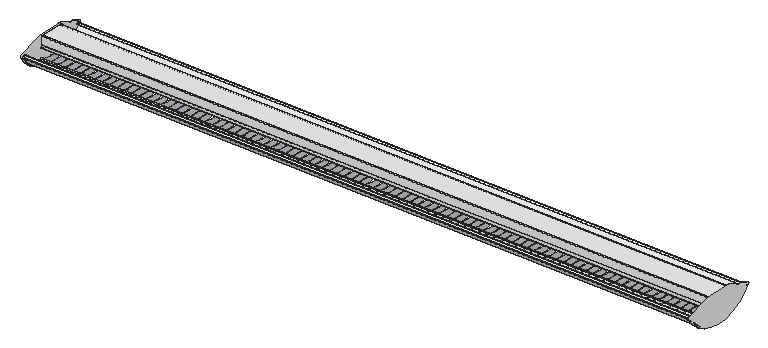
Revit family "LCBA92", category Lighting Fixtures, host Ceiling, Revit 2019 (continued)
Forms (in)
  Extrusion 99, solid
    sketch origin (-89.85284, 0, 0) x (0, 1, 0) y (0, 0, 1)
      loop
        arc (2.06311, 72.81193) -> (1.99756, 72.88131) -> (1.90213, 72.88295) r 0.12304
        line (1.90213, 72.88295) -> (1.84484, 72.86147) -> (1.81268, 72.94364)
    from 45.89311 to 45.9345
  Extrusion 100, solid
    sketch origin (-90.86242, 0, 0) x (0, 1, 0) y (0, 0, 1)
      loop
        arc (1.81268, 72.94364) -> (-0.00072, 72.65579) -> (-1.81406, 72.94408) r 5.85148
        line (-1.81406, 72.94408) -> (-1.84484, 72.86147) -> (-1.90362, 72.88351)
        arc (-1.90362, 72.88351) -> (-1.99875, 72.88023) -> (-2.06363, 72.81059) r 0.12422
        line (-2.06363, 72.81059) -> (-2.1814, 72.49647)
        arc (-2.1814, 72.49647) -> (-2.17546, 72.44135) -> (-2.12767, 72.41325) r 0.0617
        line (-2.12767, 72.41325) -> (-2.01335, 72.41202) -> (-2.05986, 72.27994)
        arc (-2.05986, 72.27994) -> (0.00142, 71.9068) -> (2.06251, 72.28094) r 5.872
        line (2.06251, 72.28094) -> (2.01335, 72.41202) -> (2.1241, 72.41309)
        arc (2.1241, 72.41309) -> (2.17511, 72.4409) -> (2.18051, 72.49874) r 0.0618
        line (2.18051, 72.49874) -> (2.06311, 72.81193)
        arc (2.06311, 72.81193) -> (1.99756, 72.88131) -> (1.90213, 72.88295) r 0.12304
        line (1.90213, 72.88295) -> (1.84484, 72.86147) -> (1.81268, 72.94364)
    from 45.89311 to 45.9345
Dimensions and locks (in)
  equal spacing: host sketch curve, plane 3 "Light Source Axis (L/R)", host sketch curve
  equal spacing: host sketch curve, plane 1 "Light Source Axis (F/B)", host sketch curve
  host sketch curve to host sketch curve = 10' - 0"  (x2)
  equal spacing: plane 5, plane 3 "Light Source Axis (L/R)", plane 6
  "Length": plane 5 to plane 6
  equal spacing: plane 7, plane 1 "Light Source Axis (F/B)", plane 8
  "Width": plane 7 to plane 8
  plane 5 to plane 3 "Light Source Axis (L/R)" = 3' - 10 1/8"
  plane 7 to plane 1 "Light Source Axis (F/B)" = 0' - 5 1/8"
  plane 6 to plane 3 "Light Source Axis (L/R)" = 3' - 10 1/8"
  locked: plane 9 to plane 5 at 0.03125
  locked: plane 10 to plane 6 at 0.03125
  plane 4 "Light Source Elevation" to host ceiling = 1' - 11 5/8"
  locked: plane 5 to plane 11 at 0.0625
  locked: plane 12 to plane 6 at 0.0625
  locked: plane 13 "Start of Divider" to plane 6 at 0.1905
  locked: plane 5 to plane 14 at 0.1875
  equal spacing: group 2, group 92, group 91, group 90, group 89, group 88, group 87, group 86, group 85, group 84, group 83, group 82, group 81, group 80, group 79, group 78, group 77, group 76, group 75, group 74, group 73, group 72, group 71, group 70, group 69, group 68, group 67, group 66, group 65, group 64, group 63, group 62, group 61, group 60, group 59, group 58, group 57, group 56, group 55, group 54, group 53, group 52, group 51, group 50, group 49, group 48, group 47, group 46, group 45, group 44, group 43, group 42, group 41, group 40, group 39, group 38, group 37, group 36, group 35, group 34, group 33, group 32, group 31, group 30, group 29, group 28, group 27, group 26, group 25, group 24, group 23, group 22, group 21, group 20, group 19, group 18, group 17, group 16, group 15, group 14, group 13, group 12, group 11, group 10, group 9, group 8, group 7, group 6, group 5, group 4, group 3, group 1
  equal spacing: group 1, group 3, group 4, group 5, group 6, group 7, group 8, group 9, group 10, group 11, group 12, group 13, group 14, group 15, group 16, group 17, group 18, group 19, group 20, group 21, group 22, group 23, group 24, group 25, group 26, group 27, group 28, group 29, group 30, group 31, group 32, group 33, group 34, group 35, group 36, group 37, group 38, group 39, group 40, group 41, group 42, group 43, group 44, group 45, group 46, group 47, group 48, group 49, group 50, group 51, group 52, group 53, group 54, group 55, group 56, group 57, group 58, group 59, group 60, group 61, group 62, group 63, group 64, group 65, group 66, group 67, group 68, group 69, group 70, group 71, group 72, group 73, group 74, group 75, group 76, group 77, group 78, group 79, group 80, group 81, group 82, group 83, group 84, group 85, group 86, group 87, group 88, group 89, group 90, group 91, group 92, group 2  (x2)
  aligned and locked: plane 3 "Light Source Axis (L/R)" to imposter light
  aligned and locked: plane 1 "Light Source Axis (F/B)" to imposter light
  aligned and locked: plane 4 "Light Source Elevation" to imposter light
  aligned and locked: plane 6 to Extrusion 1
  aligned and locked: Extrusion 1 to plane 10
  aligned and locked: Extrusion 2 to plane 5
  aligned and locked: Extrusion 2 to plane 9
  aligned and locked: Extrusion 3 to plane 9
  aligned and locked: plane 10 to Extrusion 3
  aligned and locked: Extrusion 4 to plane 9
  aligned and locked: Extrusion 4 to Extrusion 1
  aligned and locked: Extrusion 5 to plane 9
  aligned and locked: plane 10 to Extrusion 5
  aligned and locked: Extrusion 6 to Extrusion 1
  aligned and locked: Extrusion 6 to plane 12
  aligned and locked: Extrusion 7 to plane 9
  aligned and locked: plane 11 to Extrusion 7
  aligned and locked: Extrusion 8 to plane 11
  aligned and locked: plane 12 to Extrusion 8
Automatic sketch dimensions
  Extrusion 1 sketch curve to plane 8 = 0' - 0"  (x2)
  Extrusion 1 sketch curve to plane 1 "Light Source Axis (F/B)" = 0' - 0"
  Extrusion 1 sketch curve to plane 7 = 0' - 0"  (x2)
  plane 8 to Extrusion 1 sketch curve = 0' - 0.06165"
  plane 8 to Extrusion 1 sketch curve = 0' - 0.10459"
  plane 1 "Light Source Axis (F/B)" to Extrusion 1 sketch curve = 0' - 2.37456"
  plane 1 "Light Source Axis (F/B)" to Extrusion 1 sketch curve = 0' - 1 11/16"
  Extrusion 1 sketch curve to plane 1 "Light Source Axis (F/B)" = 0' - 1 11/16"
  Extrusion 1 sketch curve to Extrusion 1 sketch curve = 0' - 0.68706"
  Extrusion 1 sketch curve to plane 7 = 0' - 0.10459"
  Extrusion 1 sketch curve to plane 7 = 0' - 0.06165"
  Extrusion 1 sketch curve to plane 4 "Light Source Elevation" = 0' - 1.969"  (x2)
  Extrusion 1 sketch curve to plane 4 "Light Source Elevation" = 0' - 2.74635"
  Extrusion 1 sketch curve to Extrusion 1 sketch curve = 0' - 0.11739"
  Extrusion 1 sketch curve to Extrusion 1 sketch curve = 0' - 1.87828"
  Extrusion 2 sketch curve to plane 8 = 0' - 0"  (x2)
  Extrusion 2 sketch curve to plane 1 "Light Source Axis (F/B)" = 0' - 0"
  Extrusion 2 sketch curve to plane 7 = 0' - 0"  (x2)
  plane 8 to Extrusion 2 sketch curve = 0' - 0.06165"
  plane 8 to Extrusion 2 sketch curve = 0' - 0.10459"
  plane 1 "Light Source Axis (F/B)" to Extrusion 2 sketch curve = 0' - 2.37456"
  plane 1 "Light Source Axis (F/B)" to Extrusion 2 sketch curve = 0' - 1 11/16"
  Extrusion 2 sketch curve to plane 1 "Light Source Axis (F/B)" = 0' - 1 11/16"
  Extrusion 2 sketch curve to Extrusion 2 sketch curve = 0' - 0.68706"
  Extrusion 2 sketch curve to plane 7 = 0' - 0.10459"
  Extrusion 2 sketch curve to plane 7 = 0' - 0.06165"
  Extrusion 2 sketch curve to plane 4 "Light Source Elevation" = 0' - 6.032"
  Extrusion 2 sketch curve to Extrusion 2 sketch curve = 0' - 2.063"
  Extrusion 2 sketch curve to Extrusion 2 sketch curve = 0' - 0.12172"  (x2)
  Extrusion 2 sketch curve to Extrusion 2 sketch curve = 0' - 0.98354"
  Extrusion 3 sketch curve to Extrusion 3 sketch curve = 0' - 0"  (x9)
  Extrusion 3 sketch curve to plane 1 "Light Source Axis (F/B)" = 0' - 0.15717"
  Extrusion 3 sketch curve to plane 1 "Light Source Axis (F/B)" = 0' - 1.58208"
  Extrusion 3 sketch curve to plane 4 "Light Source Elevation" = 0' - 1.14403"
  Extrusion 3 sketch curve to Extrusion 3 sketch curve = 0' - 0.00572"
  Extrusion 3 sketch curve to plane 4 "Light Source Elevation" = 0' - 1.20319"
  Extrusion 3 sketch curve to Extrusion 3 sketch curve = 0' - 0.15265"
  Extrusion 3 sketch curve to Extrusion 3 sketch curve = 0' - 0.00571"
  Extrusion 3 sketch curve to Extrusion 3 sketch curve = 0' - 0.0069"
  Extrusion 3 sketch curve to Extrusion 3 sketch curve = 0' - 0.00002"
  Extrusion 3 sketch curve to plane 4 "Light Source Elevation" = 0' - 0.48292"
  Extrusion 3 sketch curve to Extrusion 3 sketch curve = 0' - 0.35994"
  Extrusion 3 sketch curve to plane 7 = 0' - 0.68708"
  Extrusion 3 sketch curve to Extrusion 3 sketch curve = 0' - 0.01592"  (x2)
  Extrusion 3 sketch curve to Extrusion 3 sketch curve = 0' - 0.20109"
  Extrusion 3 sketch curve to Extrusion 3 sketch curve = 0' - 0.01987"
  Extrusion 3 sketch curve to Extrusion 3 sketch curve = 0' - 0.02474"  (x2)
  Extrusion 3 sketch curve to Extrusion 3 sketch curve = 0' - 0.01982"  (x2)
  Extrusion 3 sketch curve to Extrusion 3 sketch curve = 0' - 0.15227"
  Extrusion 3 sketch curve to Extrusion 3 sketch curve = 0' - 0.00269"
  Extrusion 3 sketch curve to Extrusion 3 sketch curve = 0' - 0.02579"  (x2)
  Extrusion 3 sketch curve to Extrusion 3 sketch curve = 0' - 0.03219"
  Extrusion 3 sketch curve to plane 4 "Light Source Elevation" = 0' - 8.81425"
  plane 7 to Extrusion 3 sketch curve = 1' - 6.15424"
  Extrusion 3 sketch curve to Extrusion 3 sketch curve = 0' - 0.00005"
  Extrusion 3 sketch curve to Extrusion 3 sketch curve = 0' - 0.06783"
  Extrusion 3 sketch curve to Extrusion 3 sketch curve = 0' - 0.00011"
  Extrusion 3 sketch curve to Extrusion 3 sketch curve = 0' - 0.03066"
  Extrusion 3 sketch curve to plane 4 "Light Source Elevation" = 0' - 2.54053"
  Extrusion 3 sketch curve to Extrusion 3 sketch curve = 0' - 0.01764"  (x2)
  Extrusion 3 sketch curve to Extrusion 3 sketch curve = 0' - 0.05099"
  Extrusion 3 sketch curve to Extrusion 3 sketch curve = 0' - 0.02202"
  Extrusion 3 sketch curve to Extrusion 3 sketch curve = 0' - 0.04169"
  Extrusion 3 sketch curve to Extrusion 3 sketch curve = 0' - 0.02689"
  Extrusion 3 sketch curve to Extrusion 3 sketch curve = 0' - 0.03356"
  Extrusion 3 sketch curve to Extrusion 3 sketch curve = 0' - 4.57795"
  Extrusion 3 sketch curve to Extrusion 3 sketch curve = 0' - 0.00017"
  Extrusion 3 sketch curve to Extrusion 3 sketch curve = 0' - 0.03546"
  Extrusion 3 sketch curve to Extrusion 3 sketch curve = 0' - 0.02926"
  Extrusion 3 sketch curve to Extrusion 3 sketch curve = 0' - 0.02904"
  Extrusion 4 sketch curve to Extrusion 4 sketch curve = 0' - 0"  (x14)
  Extrusion 4 sketch curve to plane 4 "Light Source Elevation" = 0' - 8.8141"
  Extrusion 4 sketch curve to plane 8 = 1' - 6.1543"
  plane 8 to Extrusion 4 sketch curve = 0' - 0.25148"
  Extrusion 4 sketch curve to Extrusion 4 sketch curve = 0' - 0.01982"  (x2)
  Extrusion 4 sketch curve to Extrusion 4 sketch curve = 0' - 0.02395"  (x2)
  Extrusion 4 sketch curve to Extrusion 4 sketch curve = 0' - 0.15496"
  Extrusion 4 sketch curve to Extrusion 4 sketch curve = 0' - 0.01923"
  Extrusion 4 sketch curve to Extrusion 4 sketch curve = 0' - 0.01592"  (x2)
  Extrusion 4 sketch curve to Extrusion 4 sketch curve = 0' - 0.20109"
  plane 1 "Light Source Axis (F/B)" to Extrusion 4 sketch curve = 0' - 2.10733"
  Extrusion 4 sketch curve to Extrusion 4 sketch curve = 0' - 0.36004"
  Extrusion 4 sketch curve to Extrusion 4 sketch curve = 0' - 0.01127"
  Extrusion 4 sketch curve to Extrusion 4 sketch curve = 0' - 0.00715"
  Extrusion 4 sketch curve to plane 4 "Light Source Elevation" = 0' - 1.14526"
  Extrusion 4 sketch curve to Extrusion 4 sketch curve = 0' - 0 19/128"
  Extrusion 4 sketch curve to plane 4 "Light Source Elevation" = 0' - 1.17598"
  Extrusion 4 sketch curve to Extrusion 4 sketch curve = 0' - 0.00572"
  plane 1 "Light Source Axis (F/B)" to Extrusion 4 sketch curve = 0' - 0.15717"
  Extrusion 4 sketch curve to Extrusion 4 sketch curve = 0' - 0.03733"
  Extrusion 4 sketch curve to plane 4 "Light Source Elevation" = 0' - 0.48292"
  Extrusion 4 sketch curve to plane 4 "Light Source Elevation" = 0' - 2.63117"
  Extrusion 4 sketch curve to Extrusion 4 sketch curve = 0' - 0.02918"
  Extrusion 4 sketch curve to Extrusion 4 sketch curve = 0' - 0.04061"
  Extrusion 4 sketch curve to Extrusion 4 sketch curve = 0' - 0.02416"
  Extrusion 4 sketch curve to Extrusion 4 sketch curve = 0' - 0.02689"
  Extrusion 4 sketch curve to Extrusion 4 sketch curve = 0' - 0.03248"
  Extrusion 4 sketch curve to Extrusion 4 sketch curve = 0' - 4.57673"
  Extrusion 4 sketch curve to Extrusion 4 sketch curve = 0' - 0.06091"
  Extrusion 4 sketch curve to Extrusion 4 sketch curve = 0' - 0.03262"
  Extrusion 4 sketch curve to Extrusion 4 sketch curve = 0' - 0.02644"
  Extrusion 4 sketch curve to Extrusion 4 sketch curve = 0' - 0.0115"
  Extrusion 4 sketch curve to Extrusion 4 sketch curve = 0' - 0.0351"
  Extrusion 4 sketch curve to Extrusion 4 sketch curve = 0' - 0.00003"  (x2)
  Extrusion 4 sketch curve to Extrusion 4 sketch curve = 0' - 0.02908"
  Extrusion 5 sketch curve to Extrusion 5 sketch curve = 0' - 0"  (x4)
  plane 1 "Light Source Axis (F/B)" to Extrusion 5 sketch curve = 0' - 1 5/8"
  Extrusion 5 sketch curve to Extrusion 5 sketch curve = 0' - 0 1/32"
  Extrusion 5 sketch curve to Extrusion 5 sketch curve = 0' - 0.03775"  (x2)
  Extrusion 5 sketch curve to plane 1 "Light Source Axis (F/B)" = 0' - 1.556"
  Extrusion 5 sketch curve to plane 4 "Light Source Elevation" = 0' - 2.376"  (x2)
  Extrusion 5 sketch curve to Extrusion 5 sketch curve = 0' - 1.462"
  plane 1 "Light Source Axis (F/B)" to Extrusion 6 sketch curve = 0' - 1 19/32"
  Extrusion 6 sketch curve to Extrusion 6 sketch curve = 0' - 0.03775"  (x2)
  Extrusion 6 sketch curve to plane 1 "Light Source Axis (F/B)" = 0' - 1.556"
  Extrusion 6 sketch curve to plane 4 "Light Source Elevation" = 0' - 2.376"
  Extrusion 6 sketch curve to Extrusion 6 sketch curve = 0' - 1.462"
  plane 1 "Light Source Axis (F/B)" to Extrusion 7 sketch curve = 0' - 1 19/32"
  Extrusion 7 sketch curve to Extrusion 7 sketch curve = 0' - 0.03775"  (x2)
  Extrusion 7 sketch curve to plane 1 "Light Source Axis (F/B)" = 0' - 1.556"
  Extrusion 7 sketch curve to plane 4 "Light Source Elevation" = 0' - 3.87575"
  Extrusion 7 sketch curve to Extrusion 7 sketch curve = 0' - 1.462"
  Extrusion 8 sketch curve to Extrusion 8 sketch curve = 0' - 0"  (x4)
  plane 1 "Light Source Axis (F/B)" to Extrusion 8 sketch curve = 0' - 1.68875"
  Extrusion 8 sketch curve to Extrusion 8 sketch curve = 0' - 0 1/32"
  Extrusion 8 sketch curve to Extrusion 8 sketch curve = 0' - 0.039"  (x2)
  Extrusion 8 sketch curve to plane 1 "Light Source Axis (F/B)" = 0' - 1.6185"
  Extrusion 8 sketch curve to plane 4 "Light Source Elevation" = 0' - 2.34475"
  Extrusion 8 sketch curve to Extrusion 8 sketch curve = 0' - 0.431"  (x2)
  Extrusion 9 sketch curve to Extrusion 9 sketch curve = 0' - 5.49786"
  Extrusion 9 sketch curve to Extrusion 9 sketch curve = 0' - 0.72846"
  Extrusion 9 sketch curve to Extrusion 9 sketch curve = 0' - 0.24983"
  Extrusion 9 sketch curve to Extrusion 9 sketch curve = 0' - 0.04916"
  Extrusion 9 sketch curve to Extrusion 9 sketch curve = 0' - 0.53161"
  Extrusion 9 sketch curve to Extrusion 9 sketch curve = 0' - 0.11075"
  Extrusion 9 sketch curve to Extrusion 9 sketch curve = 0' - 0.0006"
  Extrusion 9 sketch curve to Extrusion 9 sketch curve = 0' - 0.0618"
  Extrusion 9 sketch curve to Extrusion 9 sketch curve = 0' - 0.05701"
  Extrusion 9 sketch curve to Extrusion 9 sketch curve = 0' - 0.25043"
  Extrusion 9 sketch curve to Extrusion 9 sketch curve = 0' - 0.11521"
  Extrusion 9 sketch curve to Extrusion 9 sketch curve = 0' - 0.04319"
  Extrusion 9 sketch curve to Extrusion 9 sketch curve = 0' - 0.08945"
  Extrusion 9 sketch curve to Extrusion 9 sketch curve = 0' - 0.05729"
  Extrusion 9 sketch curve to Extrusion 9 sketch curve = 0' - 0.02148"
  Extrusion 9 sketch curve to Extrusion 9 sketch curve = 0' - 0.04651"
  Extrusion 9 sketch curve to Extrusion 9 sketch curve = 0' - 0.11432"
  Extrusion 9 sketch curve to Extrusion 9 sketch curve = 0' - 0.00404"
  Extrusion 9 sketch curve to Extrusion 9 sketch curve = 0' - 0.06156"
  Extrusion 9 sketch curve to Extrusion 9 sketch curve = 0' - 0.05777"
  Extrusion 9 sketch curve to Extrusion 9 sketch curve = 0' - 0.24957"
  Extrusion 9 sketch curve to Extrusion 9 sketch curve = 0' - 0.1164"
  Extrusion 9 sketch curve to Extrusion 9 sketch curve = 0' - 0.0434"
  Extrusion 9 sketch curve to Extrusion 9 sketch curve = 0' - 0.08957"
  Extrusion 9 sketch curve to Extrusion 9 sketch curve = 0' - 0.05878"
  Extrusion 9 sketch curve to Extrusion 9 sketch curve = 0' - 0.02204"
  Extrusion 9 sketch curve to Extrusion 9 sketch curve = 0' - 0.11777"
  Extrusion 9 sketch curve to Extrusion 9 sketch curve = 0' - 1.81406"
  Extrusion 9 sketch curve to Extrusion 9 sketch curve = 0' - 0"
  Extrusion 9 sketch curve to Extrusion 9 sketch curve = 0' - 3.62674"
  Extrusion 9 sketch curve to Extrusion 9 sketch curve = 0' - 0.13108"
  Extrusion 9 sketch curve to Extrusion 9 sketch curve = 0' - 0.13208"
  Extrusion 9 sketch curve to Extrusion 9 sketch curve = 0' - 0.00107"
  Extrusion 9 sketch curve to Extrusion 9 sketch curve = 0' - 0.00122"
  Extrusion 9 sketch curve to Extrusion 9 sketch curve = 0' - 0.17689"
  Extrusion 9 sketch curve to Extrusion 9 sketch curve = 0' - 0.1749"
  Extrusion 10 sketch curve to Extrusion 10 sketch curve = 0' - 5.49786"
  Extrusion 10 sketch curve to Extrusion 10 sketch curve = 0' - 0.72846"
  Extrusion 10 sketch curve to Extrusion 10 sketch curve = 0' - 0.24983"
  Extrusion 10 sketch curve to Extrusion 10 sketch curve = 0' - 0.04916"
  Extrusion 10 sketch curve to Extrusion 10 sketch curve = 0' - 0.53161"
  Extrusion 10 sketch curve to Extrusion 10 sketch curve = 0' - 0.11075"
  Extrusion 10 sketch curve to Extrusion 10 sketch curve = 0' - 0.0006"
  Extrusion 10 sketch curve to Extrusion 10 sketch curve = 0' - 0.0618"
  Extrusion 10 sketch curve to Extrusion 10 sketch curve = 0' - 0.05701"
  Extrusion 10 sketch curve to Extrusion 10 sketch curve = 0' - 0.25043"
  Extrusion 10 sketch curve to Extrusion 10 sketch curve = 0' - 0.11521"
  Extrusion 10 sketch curve to Extrusion 10 sketch curve = 0' - 0.04319"
  Extrusion 10 sketch curve to Extrusion 10 sketch curve = 0' - 0.08945"
  Extrusion 10 sketch curve to Extrusion 10 sketch curve = 0' - 0.05729"
  Extrusion 10 sketch curve to Extrusion 10 sketch curve = 0' - 0.02148"
  Extrusion 10 sketch curve to Extrusion 10 sketch curve = 0' - 0.04651"
  Extrusion 10 sketch curve to Extrusion 10 sketch curve = 0' - 0.11432"
  Extrusion 10 sketch curve to Extrusion 10 sketch curve = 0' - 0.00404"
  Extrusion 10 sketch curve to Extrusion 10 sketch curve = 0' - 0.06156"
  Extrusion 10 sketch curve to Extrusion 10 sketch curve = 0' - 0.05777"
  Extrusion 10 sketch curve to Extrusion 10 sketch curve = 0' - 0.24957"
  Extrusion 10 sketch curve to Extrusion 10 sketch curve = 0' - 0.1164"
  Extrusion 10 sketch curve to Extrusion 10 sketch curve = 0' - 0.0434"
  Extrusion 10 sketch curve to Extrusion 10 sketch curve = 0' - 0.08957"
  Extrusion 10 sketch curve to Extrusion 10 sketch curve = 0' - 0.05878"
  Extrusion 10 sketch curve to Extrusion 10 sketch curve = 0' - 0.02204"
  Extrusion 10 sketch curve to Extrusion 10 sketch curve = 0' - 0.11777"
  Extrusion 10 sketch curve to Extrusion 10 sketch curve = 0' - 1.81406"
  Extrusion 10 sketch curve to Extrusion 10 sketch curve = 0' - 0"
  Extrusion 10 sketch curve to Extrusion 10 sketch curve = 0' - 3.62674"
  Extrusion 10 sketch curve to Extrusion 10 sketch curve = 0' - 0.13108"
  Extrusion 10 sketch curve to Extrusion 10 sketch curve = 0' - 0.13208"
  Extrusion 10 sketch curve to Extrusion 10 sketch curve = 0' - 0.00107"
  Extrusion 10 sketch curve to Extrusion 10 sketch curve = 0' - 0.00122"
  Extrusion 10 sketch curve to Extrusion 10 sketch curve = 0' - 0.17689"
  Extrusion 10 sketch curve to Extrusion 10 sketch curve = 0' - 0.1749"
  Extrusion 11 sketch curve to Extrusion 11 sketch curve = 0' - 5.49786"
  Extrusion 11 sketch curve to Extrusion 11 sketch curve = 0' - 0.72846"
  Extrusion 11 sketch curve to Extrusion 11 sketch curve = 0' - 0.24983"
  Extrusion 11 sketch curve to Extrusion 11 sketch curve = 0' - 0.04916"
  Extrusion 11 sketch curve to Extrusion 11 sketch curve = 0' - 0.53161"
  Extrusion 11 sketch curve to Extrusion 11 sketch curve = 0' - 0.11075"
  Extrusion 11 sketch curve to Extrusion 11 sketch curve = 0' - 0.0006"
  Extrusion 11 sketch curve to Extrusion 11 sketch curve = 0' - 0.0618"
  Extrusion 11 sketch curve to Extrusion 11 sketch curve = 0' - 0.05701"
  Extrusion 11 sketch curve to Extrusion 11 sketch curve = 0' - 0.25043"
  Extrusion 11 sketch curve to Extrusion 11 sketch curve = 0' - 0.11521"
  Extrusion 11 sketch curve to Extrusion 11 sketch curve = 0' - 0.04319"
  Extrusion 11 sketch curve to Extrusion 11 sketch curve = 0' - 0.08945"
  Extrusion 11 sketch curve to Extrusion 11 sketch curve = 0' - 0.05729"
  Extrusion 11 sketch curve to Extrusion 11 sketch curve = 0' - 0.02148"
  Extrusion 11 sketch curve to Extrusion 11 sketch curve = 0' - 0.04651"
  Extrusion 11 sketch curve to Extrusion 11 sketch curve = 0' - 0.11432"
  Extrusion 11 sketch curve to Extrusion 11 sketch curve = 0' - 0.00404"
  Extrusion 11 sketch curve to Extrusion 11 sketch curve = 0' - 0.06156"
  Extrusion 11 sketch curve to Extrusion 11 sketch curve = 0' - 0.05777"
  Extrusion 11 sketch curve to Extrusion 11 sketch curve = 0' - 0.24957"
  Extrusion 11 sketch curve to Extrusion 11 sketch curve = 0' - 0.1164"
  Extrusion 11 sketch curve to Extrusion 11 sketch curve = 0' - 0.0434"
  Extrusion 11 sketch curve to Extrusion 11 sketch curve = 0' - 0.08957"
  Extrusion 11 sketch curve to Extrusion 11 sketch curve = 0' - 0.05878"
  Extrusion 11 sketch curve to Extrusion 11 sketch curve = 0' - 0.02204"
  Extrusion 11 sketch curve to Extrusion 11 sketch curve = 0' - 0.11777"
  Extrusion 11 sketch curve to Extrusion 11 sketch curve = 0' - 1.81406"
  Extrusion 11 sketch curve to Extrusion 11 sketch curve = 0' - 0"
  Extrusion 11 sketch curve to Extrusion 11 sketch curve = 0' - 3.62674"
  Extrusion 11 sketch curve to Extrusion 11 sketch curve = 0' - 0.13108"
  Extrusion 11 sketch curve to Extrusion 11 sketch curve = 0' - 0.13208"
  Extrusion 11 sketch curve to Extrusion 11 sketch curve = 0' - 0.00107"
  Extrusion 11 sketch curve to Extrusion 11 sketch curve = 0' - 0.00122"
  Extrusion 11 sketch curve to Extrusion 11 sketch curve = 0' - 0.17689"
  Extrusion 11 sketch curve to Extrusion 11 sketch curve = 0' - 0.1749"
  Extrusion 12 sketch curve to Extrusion 12 sketch curve = 0' - 5.49786"
  Extrusion 12 sketch curve to Extrusion 12 sketch curve = 0' - 0.72846"
  Extrusion 12 sketch curve to Extrusion 12 sketch curve = 0' - 0.24983"
  Extrusion 12 sketch curve to Extrusion 12 sketch curve = 0' - 0.04916"
  Extrusion 12 sketch curve to Extrusion 12 sketch curve = 0' - 0.53161"
  Extrusion 12 sketch curve to Extrusion 12 sketch curve = 0' - 0.11075"
  Extrusion 12 sketch curve to Extrusion 12 sketch curve = 0' - 0.0006"
  Extrusion 12 sketch curve to Extrusion 12 sketch curve = 0' - 0.0618"
  Extrusion 12 sketch curve to Extrusion 12 sketch curve = 0' - 0.05701"
  Extrusion 12 sketch curve to Extrusion 12 sketch curve = 0' - 0.25043"
  Extrusion 12 sketch curve to Extrusion 12 sketch curve = 0' - 0.11521"
  Extrusion 12 sketch curve to Extrusion 12 sketch curve = 0' - 0.04319"
  Extrusion 12 sketch curve to Extrusion 12 sketch curve = 0' - 0.08945"
  Extrusion 12 sketch curve to Extrusion 12 sketch curve = 0' - 0.05729"
  Extrusion 12 sketch curve to Extrusion 12 sketch curve = 0' - 0.02148"
  Extrusion 12 sketch curve to Extrusion 12 sketch curve = 0' - 0.04651"
  Extrusion 12 sketch curve to Extrusion 12 sketch curve = 0' - 0.11432"
  Extrusion 12 sketch curve to Extrusion 12 sketch curve = 0' - 0.00404"
  Extrusion 12 sketch curve to Extrusion 12 sketch curve = 0' - 0.06156"
  Extrusion 12 sketch curve to Extrusion 12 sketch curve = 0' - 0.05777"
  Extrusion 12 sketch curve to Extrusion 12 sketch curve = 0' - 0.24957"
  Extrusion 12 sketch curve to Extrusion 12 sketch curve = 0' - 0.1164"
  Extrusion 12 sketch curve to Extrusion 12 sketch curve = 0' - 0.0434"
  Extrusion 12 sketch curve to Extrusion 12 sketch curve = 0' - 0.08957"
  Extrusion 12 sketch curve to Extrusion 12 sketch curve = 0' - 0.05878"
  Extrusion 12 sketch curve to Extrusion 12 sketch curve = 0' - 0.02204"
  Extrusion 12 sketch curve to Extrusion 12 sketch curve = 0' - 0.11777"
  Extrusion 12 sketch curve to Extrusion 12 sketch curve = 0' - 1.81406"
  Extrusion 12 sketch curve to Extrusion 12 sketch curve = 0' - 0"
  Extrusion 12 sketch curve to Extrusion 12 sketch curve = 0' - 3.62674"
  Extrusion 12 sketch curve to Extrusion 12 sketch curve = 0' - 0.13108"
  Extrusion 12 sketch curve to Extrusion 12 sketch curve = 0' - 0.13208"
  Extrusion 12 sketch curve to Extrusion 12 sketch curve = 0' - 0.00107"
  Extrusion 12 sketch curve to Extrusion 12 sketch curve = 0' - 0.00122"
  Extrusion 12 sketch curve to Extrusion 12 sketch curve = 0' - 0.17689"
  Extrusion 12 sketch curve to Extrusion 12 sketch curve = 0' - 0.1749"
  Extrusion 13 sketch curve to Extrusion 13 sketch curve = 0' - 5.49786"
  Extrusion 13 sketch curve to Extrusion 13 sketch curve = 0' - 0.72846"
  Extrusion 13 sketch curve to Extrusion 13 sketch curve = 0' - 0.24983"
  Extrusion 13 sketch curve to Extrusion 13 sketch curve = 0' - 0.04916"
  Extrusion 13 sketch curve to Extrusion 13 sketch curve = 0' - 0.53161"
  Extrusion 13 sketch curve to Extrusion 13 sketch curve = 0' - 0.11075"
  Extrusion 13 sketch curve to Extrusion 13 sketch curve = 0' - 0.0006"
  Extrusion 13 sketch curve to Extrusion 13 sketch curve = 0' - 0.0618"
  Extrusion 13 sketch curve to Extrusion 13 sketch curve = 0' - 0.05701"
  Extrusion 13 sketch curve to Extrusion 13 sketch curve = 0' - 0.25043"
  Extrusion 13 sketch curve to Extrusion 13 sketch curve = 0' - 0.11521"
  Extrusion 13 sketch curve to Extrusion 13 sketch curve = 0' - 0.04319"
  Extrusion 13 sketch curve to Extrusion 13 sketch curve = 0' - 0.08945"
  Extrusion 13 sketch curve to Extrusion 13 sketch curve = 0' - 0.05729"
  Extrusion 13 sketch curve to Extrusion 13 sketch curve = 0' - 0.02148"
  Extrusion 13 sketch curve to Extrusion 13 sketch curve = 0' - 0.04651"
  Extrusion 13 sketch curve to Extrusion 13 sketch curve = 0' - 0.11432"
  Extrusion 13 sketch curve to Extrusion 13 sketch curve = 0' - 0.00404"
  Extrusion 13 sketch curve to Extrusion 13 sketch curve = 0' - 0.06156"
  Extrusion 13 sketch curve to Extrusion 13 sketch curve = 0' - 0.05777"
  Extrusion 13 sketch curve to Extrusion 13 sketch curve = 0' - 0.24957"
  Extrusion 13 sketch curve to Extrusion 13 sketch curve = 0' - 0.1164"
  Extrusion 13 sketch curve to Extrusion 13 sketch curve = 0' - 0.0434"
  Extrusion 13 sketch curve to Extrusion 13 sketch curve = 0' - 0.08957"
  Extrusion 13 sketch curve to Extrusion 13 sketch curve = 0' - 0.05878"
  Extrusion 13 sketch curve to Extrusion 13 sketch curve = 0' - 0.02204"
  Extrusion 13 sketch curve to Extrusion 13 sketch curve = 0' - 0.11777"
  Extrusion 13 sketch curve to Extrusion 13 sketch curve = 0' - 1.81406"
  Extrusion 13 sketch curve to Extrusion 13 sketch curve = 0' - 0"
  Extrusion 13 sketch curve to Extrusion 13 sketch curve = 0' - 3.62674"
  Extrusion 13 sketch curve to Extrusion 13 sketch curve = 0' - 0.13108"
  Extrusion 13 sketch curve to Extrusion 13 sketch curve = 0' - 0.13208"
  Extrusion 13 sketch curve to Extrusion 13 sketch curve = 0' - 0.00107"
  Extrusion 13 sketch curve to Extrusion 13 sketch curve = 0' - 0.00122"
  Extrusion 13 sketch curve to Extrusion 13 sketch curve = 0' - 0.17689"
  Extrusion 13 sketch curve to Extrusion 13 sketch curve = 0' - 0.1749"
  Extrusion 14 sketch curve to Extrusion 14 sketch curve = 0' - 5.49786"
  Extrusion 14 sketch curve to Extrusion 14 sketch curve = 0' - 0.72846"
  Extrusion 14 sketch curve to Extrusion 14 sketch curve = 0' - 0.24983"
  Extrusion 14 sketch curve to Extrusion 14 sketch curve = 0' - 0.04916"
  Extrusion 14 sketch curve to Extrusion 14 sketch curve = 0' - 0.53161"
  Extrusion 14 sketch curve to Extrusion 14 sketch curve = 0' - 0.11075"
  Extrusion 14 sketch curve to Extrusion 14 sketch curve = 0' - 0.0006"
  Extrusion 14 sketch curve to Extrusion 14 sketch curve = 0' - 0.0618"
  Extrusion 14 sketch curve to Extrusion 14 sketch curve = 0' - 0.05701"
  Extrusion 14 sketch curve to Extrusion 14 sketch curve = 0' - 0.25043"
  Extrusion 14 sketch curve to Extrusion 14 sketch curve = 0' - 0.11521"
  Extrusion 14 sketch curve to Extrusion 14 sketch curve = 0' - 0.04319"
  Extrusion 14 sketch curve to Extrusion 14 sketch curve = 0' - 0.08945"
  Extrusion 14 sketch curve to Extrusion 14 sketch curve = 0' - 0.05729"
  Extrusion 14 sketch curve to Extrusion 14 sketch curve = 0' - 0.02148"
  Extrusion 14 sketch curve to Extrusion 14 sketch curve = 0' - 0.04651"
  Extrusion 14 sketch curve to Extrusion 14 sketch curve = 0' - 0.11432"
  Extrusion 14 sketch curve to Extrusion 14 sketch curve = 0' - 0.00404"
  Extrusion 14 sketch curve to Extrusion 14 sketch curve = 0' - 0.06156"
  Extrusion 14 sketch curve to Extrusion 14 sketch curve = 0' - 0.05777"
  Extrusion 14 sketch curve to Extrusion 14 sketch curve = 0' - 0.24957"
  Extrusion 14 sketch curve to Extrusion 14 sketch curve = 0' - 0.1164"
  Extrusion 14 sketch curve to Extrusion 14 sketch curve = 0' - 0.0434"
  Extrusion 14 sketch curve to Extrusion 14 sketch curve = 0' - 0.08957"
  Extrusion 14 sketch curve to Extrusion 14 sketch curve = 0' - 0.05878"
  Extrusion 14 sketch curve to Extrusion 14 sketch curve = 0' - 0.02204"
  Extrusion 14 sketch curve to Extrusion 14 sketch curve = 0' - 0.11777"
  Extrusion 14 sketch curve to Extrusion 14 sketch curve = 0' - 1.81406"
  Extrusion 14 sketch curve to Extrusion 14 sketch curve = 0' - 0"
  Extrusion 14 sketch curve to Extrusion 14 sketch curve = 0' - 3.62674"
  Extrusion 14 sketch curve to Extrusion 14 sketch curve = 0' - 0.13108"
  Extrusion 14 sketch curve to Extrusion 14 sketch curve = 0' - 0.13208"
  Extrusion 14 sketch curve to Extrusion 14 sketch curve = 0' - 0.00107"
  Extrusion 14 sketch curve to Extrusion 14 sketch curve = 0' - 0.00122"
  Extrusion 14 sketch curve to Extrusion 14 sketch curve = 0' - 0.17689"
  Extrusion 14 sketch curve to Extrusion 14 sketch curve = 0' - 0.1749"
  Extrusion 15 sketch curve to Extrusion 15 sketch curve = 0' - 5.49786"
  Extrusion 15 sketch curve to Extrusion 15 sketch curve = 0' - 0.72846"
  Extrusion 15 sketch curve to Extrusion 15 sketch curve = 0' - 0.24983"
  Extrusion 15 sketch curve to Extrusion 15 sketch curve = 0' - 0.04916"
  Extrusion 15 sketch curve to Extrusion 15 sketch curve = 0' - 0.53161"
  Extrusion 15 sketch curve to Extrusion 15 sketch curve = 0' - 0.11075"
  Extrusion 15 sketch curve to Extrusion 15 sketch curve = 0' - 0.0006"
  Extrusion 15 sketch curve to Extrusion 15 sketch curve = 0' - 0.0618"
  Extrusion 15 sketch curve to Extrusion 15 sketch curve = 0' - 0.05701"
  Extrusion 15 sketch curve to Extrusion 15 sketch curve = 0' - 0.25043"
  Extrusion 15 sketch curve to Extrusion 15 sketch curve = 0' - 0.11521"
  Extrusion 15 sketch curve to Extrusion 15 sketch curve = 0' - 0.04319"
  Extrusion 15 sketch curve to Extrusion 15 sketch curve = 0' - 0.08945"
  Extrusion 15 sketch curve to Extrusion 15 sketch curve = 0' - 0.05729"
  Extrusion 15 sketch curve to Extrusion 15 sketch curve = 0' - 0.02148"
  Extrusion 15 sketch curve to Extrusion 15 sketch curve = 0' - 0.04651"
  Extrusion 15 sketch curve to Extrusion 15 sketch curve = 0' - 0.11432"
  Extrusion 15 sketch curve to Extrusion 15 sketch curve = 0' - 0.00404"
  Extrusion 15 sketch curve to Extrusion 15 sketch curve = 0' - 0.06156"
  Extrusion 15 sketch curve to Extrusion 15 sketch curve = 0' - 0.05777"
  Extrusion 15 sketch curve to Extrusion 15 sketch curve = 0' - 0.24957"
  Extrusion 15 sketch curve to Extrusion 15 sketch curve = 0' - 0.1164"
  Extrusion 15 sketch curve to Extrusion 15 sketch curve = 0' - 0.0434"
  Extrusion 15 sketch curve to Extrusion 15 sketch curve = 0' - 0.08957"
  Extrusion 15 sketch curve to Extrusion 15 sketch curve = 0' - 0.05878"
  Extrusion 15 sketch curve to Extrusion 15 sketch curve = 0' - 0.02204"
  Extrusion 15 sketch curve to Extrusion 15 sketch curve = 0' - 0.11777"
  Extrusion 15 sketch curve to Extrusion 15 sketch curve = 0' - 1.81406"
  Extrusion 15 sketch curve to Extrusion 15 sketch curve = 0' - 0"
  Extrusion 15 sketch curve to Extrusion 15 sketch curve = 0' - 3.62674"
  Extrusion 15 sketch curve to Extrusion 15 sketch curve = 0' - 0.13108"
  Extrusion 15 sketch curve to Extrusion 15 sketch curve = 0' - 0.13208"
  Extrusion 15 sketch curve to Extrusion 15 sketch curve = 0' - 0.00107"
  Extrusion 15 sketch curve to Extrusion 15 sketch curve = 0' - 0.00122"
  Extrusion 15 sketch curve to Extrusion 15 sketch curve = 0' - 0.17689"
  Extrusion 15 sketch curve to Extrusion 15 sketch curve = 0' - 0.1749"
  Extrusion 16 sketch curve to Extrusion 16 sketch curve = 0' - 5.49786"
  Extrusion 16 sketch curve to Extrusion 16 sketch curve = 0' - 0.72846"
  Extrusion 16 sketch curve to Extrusion 16 sketch curve = 0' - 0.24983"
  Extrusion 16 sketch curve to Extrusion 16 sketch curve = 0' - 0.04916"
  Extrusion 16 sketch curve to Extrusion 16 sketch curve = 0' - 0.53161"
  Extrusion 16 sketch curve to Extrusion 16 sketch curve = 0' - 0.11075"
  Extrusion 16 sketch curve to Extrusion 16 sketch curve = 0' - 0.0006"
  Extrusion 16 sketch curve to Extrusion 16 sketch curve = 0' - 0.0618"
  Extrusion 16 sketch curve to Extrusion 16 sketch curve = 0' - 0.05701"
  Extrusion 16 sketch curve to Extrusion 16 sketch curve = 0' - 0.25043"
  Extrusion 16 sketch curve to Extrusion 16 sketch curve = 0' - 0.11521"
  Extrusion 16 sketch curve to Extrusion 16 sketch curve = 0' - 0.04319"
  Extrusion 16 sketch curve to Extrusion 16 sketch curve = 0' - 0.08945"
  Extrusion 16 sketch curve to Extrusion 16 sketch curve = 0' - 0.05729"
  Extrusion 16 sketch curve to Extrusion 16 sketch curve = 0' - 0.02148"
  Extrusion 16 sketch curve to Extrusion 16 sketch curve = 0' - 0.04651"
  Extrusion 16 sketch curve to Extrusion 16 sketch curve = 0' - 0.11432"
  Extrusion 16 sketch curve to Extrusion 16 sketch curve = 0' - 0.00404"
  Extrusion 16 sketch curve to Extrusion 16 sketch curve = 0' - 0.06156"
  Extrusion 16 sketch curve to Extrusion 16 sketch curve = 0' - 0.05777"
  Extrusion 16 sketch curve to Extrusion 16 sketch curve = 0' - 0.24957"
  Extrusion 16 sketch curve to Extrusion 16 sketch curve = 0' - 0.1164"
  Extrusion 16 sketch curve to Extrusion 16 sketch curve = 0' - 0.0434"
  Extrusion 16 sketch curve to Extrusion 16 sketch curve = 0' - 0.08957"
  Extrusion 16 sketch curve to Extrusion 16 sketch curve = 0' - 0.05878"
  Extrusion 16 sketch curve to Extrusion 16 sketch curve = 0' - 0.02204"
  Extrusion 16 sketch curve to Extrusion 16 sketch curve = 0' - 0.11777"
  Extrusion 16 sketch curve to Extrusion 16 sketch curve = 0' - 1.81406"
  Extrusion 16 sketch curve to Extrusion 16 sketch curve = 0' - 0"
  Extrusion 16 sketch curve to Extrusion 16 sketch curve = 0' - 3.62674"
  Extrusion 16 sketch curve to Extrusion 16 sketch curve = 0' - 0.13108"
  Extrusion 16 sketch curve to Extrusion 16 sketch curve = 0' - 0.13208"
  Extrusion 16 sketch curve to Extrusion 16 sketch curve = 0' - 0.00107"
  Extrusion 16 sketch curve to Extrusion 16 sketch curve = 0' - 0.00122"
  Extrusion 16 sketch curve to Extrusion 16 sketch curve = 0' - 0.17689"
  Extrusion 16 sketch curve to Extrusion 16 sketch curve = 0' - 0.1749"
  Extrusion 17 sketch curve to Extrusion 17 sketch curve = 0' - 5.49786"
  Extrusion 17 sketch curve to Extrusion 17 sketch curve = 0' - 0.72846"
  Extrusion 17 sketch curve to Extrusion 17 sketch curve = 0' - 0.24983"
  Extrusion 17 sketch curve to Extrusion 17 sketch curve = 0' - 0.04916"
  Extrusion 17 sketch curve to Extrusion 17 sketch curve = 0' - 0.53161"
  Extrusion 17 sketch curve to Extrusion 17 sketch curve = 0' - 0.11075"
  Extrusion 17 sketch curve to Extrusion 17 sketch curve = 0' - 0.0006"
  Extrusion 17 sketch curve to Extrusion 17 sketch curve = 0' - 0.0618"
  Extrusion 17 sketch curve to Extrusion 17 sketch curve = 0' - 0.05701"
  Extrusion 17 sketch curve to Extrusion 17 sketch curve = 0' - 0.25043"
  Extrusion 17 sketch curve to Extrusion 17 sketch curve = 0' - 0.11521"
  Extrusion 17 sketch curve to Extrusion 17 sketch curve = 0' - 0.04319"
  Extrusion 17 sketch curve to Extrusion 17 sketch curve = 0' - 0.08945"
  Extrusion 17 sketch curve to Extrusion 17 sketch curve = 0' - 0.05729"
  Extrusion 17 sketch curve to Extrusion 17 sketch curve = 0' - 0.02148"
  Extrusion 17 sketch curve to Extrusion 17 sketch curve = 0' - 0.04651"
  Extrusion 17 sketch curve to Extrusion 17 sketch curve = 0' - 0.11432"
  Extrusion 17 sketch curve to Extrusion 17 sketch curve = 0' - 0.00404"
  Extrusion 17 sketch curve to Extrusion 17 sketch curve = 0' - 0.06156"
  Extrusion 17 sketch curve to Extrusion 17 sketch curve = 0' - 0.05777"
  Extrusion 17 sketch curve to Extrusion 17 sketch curve = 0' - 0.24957"
  Extrusion 17 sketch curve to Extrusion 17 sketch curve = 0' - 0.1164"
  Extrusion 17 sketch curve to Extrusion 17 sketch curve = 0' - 0.0434"
  Extrusion 17 sketch curve to Extrusion 17 sketch curve = 0' - 0.08957"
  Extrusion 17 sketch curve to Extrusion 17 sketch curve = 0' - 0.05878"
  Extrusion 17 sketch curve to Extrusion 17 sketch curve = 0' - 0.02204"
  Extrusion 17 sketch curve to Extrusion 17 sketch curve = 0' - 0.11777"
  Extrusion 17 sketch curve to Extrusion 17 sketch curve = 0' - 1.81406"
  Extrusion 17 sketch curve to Extrusion 17 sketch curve = 0' - 0"
  Extrusion 17 sketch curve to Extrusion 17 sketch curve = 0' - 3.62674"
  Extrusion 17 sketch curve to Extrusion 17 sketch curve = 0' - 0.13108"
  Extrusion 17 sketch curve to Extrusion 17 sketch curve = 0' - 0.13208"
  Extrusion 17 sketch curve to Extrusion 17 sketch curve = 0' - 0.00107"
  Extrusion 17 sketch curve to Extrusion 17 sketch curve = 0' - 0.00122"
  Extrusion 17 sketch curve to Extrusion 17 sketch curve = 0' - 0.17689"
  Extrusion 17 sketch curve to Extrusion 17 sketch curve = 0' - 0.1749"
  Extrusion 18 sketch curve to Extrusion 18 sketch curve = 0' - 5.49786"
  Extrusion 18 sketch curve to Extrusion 18 sketch curve = 0' - 0.72846"
  Extrusion 18 sketch curve to Extrusion 18 sketch curve = 0' - 0.24983"
  Extrusion 18 sketch curve to Extrusion 18 sketch curve = 0' - 0.04916"
  Extrusion 18 sketch curve to Extrusion 18 sketch curve = 0' - 0.53161"
  Extrusion 18 sketch curve to Extrusion 18 sketch curve = 0' - 0.11075"
  Extrusion 18 sketch curve to Extrusion 18 sketch curve = 0' - 0.0006"
  Extrusion 18 sketch curve to Extrusion 18 sketch curve = 0' - 0.0618"
  Extrusion 18 sketch curve to Extrusion 18 sketch curve = 0' - 0.05701"
  Extrusion 18 sketch curve to Extrusion 18 sketch curve = 0' - 0.25043"
  Extrusion 18 sketch curve to Extrusion 18 sketch curve = 0' - 0.11521"
  Extrusion 18 sketch curve to Extrusion 18 sketch curve = 0' - 0.04319"
  Extrusion 18 sketch curve to Extrusion 18 sketch curve = 0' - 0.08945"
  Extrusion 18 sketch curve to Extrusion 18 sketch curve = 0' - 0.05729"
  Extrusion 18 sketch curve to Extrusion 18 sketch curve = 0' - 0.02148"
  Extrusion 18 sketch curve to Extrusion 18 sketch curve = 0' - 0.04651"
  Extrusion 18 sketch curve to Extrusion 18 sketch curve = 0' - 0.11432"
  Extrusion 18 sketch curve to Extrusion 18 sketch curve = 0' - 0.00404"
  Extrusion 18 sketch curve to Extrusion 18 sketch curve = 0' - 0.06156"
  Extrusion 18 sketch curve to Extrusion 18 sketch curve = 0' - 0.05777"
  Extrusion 18 sketch curve to Extrusion 18 sketch curve = 0' - 0.24957"
  Extrusion 18 sketch curve to Extrusion 18 sketch curve = 0' - 0.1164"
  Extrusion 18 sketch curve to Extrusion 18 sketch curve = 0' - 0.0434"
  Extrusion 18 sketch curve to Extrusion 18 sketch curve = 0' - 0.08957"
  Extrusion 18 sketch curve to Extrusion 18 sketch curve = 0' - 0.05878"
  Extrusion 18 sketch curve to Extrusion 18 sketch curve = 0' - 0.02204"
  Extrusion 18 sketch curve to Extrusion 18 sketch curve = 0' - 0.11777"
  Extrusion 18 sketch curve to Extrusion 18 sketch curve = 0' - 1.81406"
  Extrusion 18 sketch curve to Extrusion 18 sketch curve = 0' - 0"
  Extrusion 18 sketch curve to Extrusion 18 sketch curve = 0' - 3.62674"
  Extrusion 18 sketch curve to Extrusion 18 sketch curve = 0' - 0.13108"
  Extrusion 18 sketch curve to Extrusion 18 sketch curve = 0' - 0.13208"
  Extrusion 18 sketch curve to Extrusion 18 sketch curve = 0' - 0.00107"
  Extrusion 18 sketch curve to Extrusion 18 sketch curve = 0' - 0.00122"
  Extrusion 18 sketch curve to Extrusion 18 sketch curve = 0' - 0.17689"
  Extrusion 18 sketch curve to Extrusion 18 sketch curve = 0' - 0.1749"
  Extrusion 19 sketch curve to Extrusion 19 sketch curve = 0' - 5.49786"
  Extrusion 19 sketch curve to Extrusion 19 sketch curve = 0' - 0.72846"
  Extrusion 19 sketch curve to Extrusion 19 sketch curve = 0' - 0.24983"
  Extrusion 19 sketch curve to Extrusion 19 sketch curve = 0' - 0.04916"
  Extrusion 19 sketch curve to Extrusion 19 sketch curve = 0' - 0.53161"
  Extrusion 19 sketch curve to Extrusion 19 sketch curve = 0' - 0.11075"
  Extrusion 19 sketch curve to Extrusion 19 sketch curve = 0' - 0.0006"
  Extrusion 19 sketch curve to Extrusion 19 sketch curve = 0' - 0.0618"
  Extrusion 19 sketch curve to Extrusion 19 sketch curve = 0' - 0.05701"
  Extrusion 19 sketch curve to Extrusion 19 sketch curve = 0' - 0.25043"
  Extrusion 19 sketch curve to Extrusion 19 sketch curve = 0' - 0.11521"
  Extrusion 19 sketch curve to Extrusion 19 sketch curve = 0' - 0.04319"
  Extrusion 19 sketch curve to Extrusion 19 sketch curve = 0' - 0.08945"
  Extrusion 19 sketch curve to Extrusion 19 sketch curve = 0' - 0.05729"
  Extrusion 19 sketch curve to Extrusion 19 sketch curve = 0' - 0.02148"
  Extrusion 19 sketch curve to Extrusion 19 sketch curve = 0' - 0.04651"
  Extrusion 19 sketch curve to Extrusion 19 sketch curve = 0' - 0.11432"
  Extrusion 19 sketch curve to Extrusion 19 sketch curve = 0' - 0.00404"
  Extrusion 19 sketch curve to Extrusion 19 sketch curve = 0' - 0.06156"
  Extrusion 19 sketch curve to Extrusion 19 sketch curve = 0' - 0.05777"
  Extrusion 19 sketch curve to Extrusion 19 sketch curve = 0' - 0.24957"
  Extrusion 19 sketch curve to Extrusion 19 sketch curve = 0' - 0.1164"
  Extrusion 19 sketch curve to Extrusion 19 sketch curve = 0' - 0.0434"
  Extrusion 19 sketch curve to Extrusion 19 sketch curve = 0' - 0.08957"
  Extrusion 19 sketch curve to Extrusion 19 sketch curve = 0' - 0.05878"
  Extrusion 19 sketch curve to Extrusion 19 sketch curve = 0' - 0.02204"
  Extrusion 19 sketch curve to Extrusion 19 sketch curve = 0' - 0.11777"
  Extrusion 19 sketch curve to Extrusion 19 sketch curve = 0' - 1.81406"
  Extrusion 19 sketch curve to Extrusion 19 sketch curve = 0' - 0"
  Extrusion 19 sketch curve to Extrusion 19 sketch curve = 0' - 3.62674"
  Extrusion 19 sketch curve to Extrusion 19 sketch curve = 0' - 0.13108"
  Extrusion 19 sketch curve to Extrusion 19 sketch curve = 0' - 0.13208"
  Extrusion 19 sketch curve to Extrusion 19 sketch curve = 0' - 0.00107"
  Extrusion 19 sketch curve to Extrusion 19 sketch curve = 0' - 0.00122"
  Extrusion 19 sketch curve to Extrusion 19 sketch curve = 0' - 0.17689"
  Extrusion 19 sketch curve to Extrusion 19 sketch curve = 0' - 0.1749"
  Extrusion 20 sketch curve to Extrusion 20 sketch curve = 0' - 5.49786"
  Extrusion 20 sketch curve to Extrusion 20 sketch curve = 0' - 0.72846"
  Extrusion 20 sketch curve to Extrusion 20 sketch curve = 0' - 0.24983"
  Extrusion 20 sketch curve to Extrusion 20 sketch curve = 0' - 0.04916"
  Extrusion 20 sketch curve to Extrusion 20 sketch curve = 0' - 0.53161"
  Extrusion 20 sketch curve to Extrusion 20 sketch curve = 0' - 0.11075"
  Extrusion 20 sketch curve to Extrusion 20 sketch curve = 0' - 0.0006"
  Extrusion 20 sketch curve to Extrusion 20 sketch curve = 0' - 0.0618"
  Extrusion 20 sketch curve to Extrusion 20 sketch curve = 0' - 0.05701"
  Extrusion 20 sketch curve to Extrusion 20 sketch curve = 0' - 0.25043"
  Extrusion 20 sketch curve to Extrusion 20 sketch curve = 0' - 0.11521"
  Extrusion 20 sketch curve to Extrusion 20 sketch curve = 0' - 0.04319"
  Extrusion 20 sketch curve to Extrusion 20 sketch curve = 0' - 0.08945"
  Extrusion 20 sketch curve to Extrusion 20 sketch curve = 0' - 0.05729"
  Extrusion 20 sketch curve to Extrusion 20 sketch curve = 0' - 0.02148"
  Extrusion 20 sketch curve to Extrusion 20 sketch curve = 0' - 0.04651"
  Extrusion 20 sketch curve to Extrusion 20 sketch curve = 0' - 0.11432"
  Extrusion 20 sketch curve to Extrusion 20 sketch curve = 0' - 0.00404"
  Extrusion 20 sketch curve to Extrusion 20 sketch curve = 0' - 0.06156"
  Extrusion 20 sketch curve to Extrusion 20 sketch curve = 0' - 0.05777"
  Extrusion 20 sketch curve to Extrusion 20 sketch curve = 0' - 0.24957"
  Extrusion 20 sketch curve to Extrusion 20 sketch curve = 0' - 0.1164"
  Extrusion 20 sketch curve to Extrusion 20 sketch curve = 0' - 0.0434"
  Extrusion 20 sketch curve to Extrusion 20 sketch curve = 0' - 0.08957"
  Extrusion 20 sketch curve to Extrusion 20 sketch curve = 0' - 0.05878"
  Extrusion 20 sketch curve to Extrusion 20 sketch curve = 0' - 0.02204"
  Extrusion 20 sketch curve to Extrusion 20 sketch curve = 0' - 0.11777"
  Extrusion 20 sketch curve to Extrusion 20 sketch curve = 0' - 1.81406"
  Extrusion 20 sketch curve to Extrusion 20 sketch curve = 0' - 0"
  Extrusion 20 sketch curve to Extrusion 20 sketch curve = 0' - 3.62674"
  Extrusion 20 sketch curve to Extrusion 20 sketch curve = 0' - 0.13108"
  Extrusion 20 sketch curve to Extrusion 20 sketch curve = 0' - 0.13208"
  Extrusion 20 sketch curve to Extrusion 20 sketch curve = 0' - 0.00107"
  Extrusion 20 sketch curve to Extrusion 20 sketch curve = 0' - 0.00122"
  Extrusion 20 sketch curve to Extrusion 20 sketch curve = 0' - 0.17689"
  Extrusion 20 sketch curve to Extrusion 20 sketch curve = 0' - 0.1749"
  Extrusion 21 sketch curve to Extrusion 21 sketch curve = 0' - 5.49786"
  Extrusion 21 sketch curve to Extrusion 21 sketch curve = 0' - 0.72846"
  Extrusion 21 sketch curve to Extrusion 21 sketch curve = 0' - 0.24983"
  Extrusion 21 sketch curve to Extrusion 21 sketch curve = 0' - 0.04916"
  Extrusion 21 sketch curve to Extrusion 21 sketch curve = 0' - 0.53161"
  Extrusion 21 sketch curve to Extrusion 21 sketch curve = 0' - 0.11075"
  Extrusion 21 sketch curve to Extrusion 21 sketch curve = 0' - 0.0006"
  Extrusion 21 sketch curve to Extrusion 21 sketch curve = 0' - 0.0618"
  Extrusion 21 sketch curve to Extrusion 21 sketch curve = 0' - 0.05701"
  Extrusion 21 sketch curve to Extrusion 21 sketch curve = 0' - 0.25043"
  Extrusion 21 sketch curve to Extrusion 21 sketch curve = 0' - 0.11521"
  Extrusion 21 sketch curve to Extrusion 21 sketch curve = 0' - 0.04319"
  Extrusion 21 sketch curve to Extrusion 21 sketch curve = 0' - 0.08945"
  Extrusion 21 sketch curve to Extrusion 21 sketch curve = 0' - 0.05729"
  Extrusion 21 sketch curve to Extrusion 21 sketch curve = 0' - 0.02148"
  Extrusion 21 sketch curve to Extrusion 21 sketch curve = 0' - 0.04651"
  Extrusion 21 sketch curve to Extrusion 21 sketch curve = 0' - 0.11432"
  Extrusion 21 sketch curve to Extrusion 21 sketch curve = 0' - 0.00404"
  Extrusion 21 sketch curve to Extrusion 21 sketch curve = 0' - 0.06156"
  Extrusion 21 sketch curve to Extrusion 21 sketch curve = 0' - 0.05777"
  Extrusion 21 sketch curve to Extrusion 21 sketch curve = 0' - 0.24957"
  Extrusion 21 sketch curve to Extrusion 21 sketch curve = 0' - 0.1164"
  Extrusion 21 sketch curve to Extrusion 21 sketch curve = 0' - 0.0434"
  Extrusion 21 sketch curve to Extrusion 21 sketch curve = 0' - 0.08957"
  Extrusion 21 sketch curve to Extrusion 21 sketch curve = 0' - 0.05878"
  Extrusion 21 sketch curve to Extrusion 21 sketch curve = 0' - 0.02204"
  Extrusion 21 sketch curve to Extrusion 21 sketch curve = 0' - 0.11777"
  Extrusion 21 sketch curve to Extrusion 21 sketch curve = 0' - 1.81406"
  Extrusion 21 sketch curve to Extrusion 21 sketch curve = 0' - 0"
  Extrusion 21 sketch curve to Extrusion 21 sketch curve = 0' - 3.62674"
  Extrusion 21 sketch curve to Extrusion 21 sketch curve = 0' - 0.13108"
  Extrusion 21 sketch curve to Extrusion 21 sketch curve = 0' - 0.13208"
  Extrusion 21 sketch curve to Extrusion 21 sketch curve = 0' - 0.00107"
  Extrusion 21 sketch curve to Extrusion 21 sketch curve = 0' - 0.00122"
  Extrusion 21 sketch curve to Extrusion 21 sketch curve = 0' - 0.17689"
  Extrusion 21 sketch curve to Extrusion 21 sketch curve = 0' - 0.1749"
  Extrusion 22 sketch curve to Extrusion 22 sketch curve = 0' - 5.49786"
  Extrusion 22 sketch curve to Extrusion 22 sketch curve = 0' - 0.72846"
  Extrusion 22 sketch curve to Extrusion 22 sketch curve = 0' - 0.24983"
  Extrusion 22 sketch curve to Extrusion 22 sketch curve = 0' - 0.04916"
  Extrusion 22 sketch curve to Extrusion 22 sketch curve = 0' - 0.53161"
  Extrusion 22 sketch curve to Extrusion 22 sketch curve = 0' - 0.11075"
  Extrusion 22 sketch curve to Extrusion 22 sketch curve = 0' - 0.0006"
  Extrusion 22 sketch curve to Extrusion 22 sketch curve = 0' - 0.0618"
  Extrusion 22 sketch curve to Extrusion 22 sketch curve = 0' - 0.05701"
  Extrusion 22 sketch curve to Extrusion 22 sketch curve = 0' - 0.25043"
  Extrusion 22 sketch curve to Extrusion 22 sketch curve = 0' - 0.11521"
  Extrusion 22 sketch curve to Extrusion 22 sketch curve = 0' - 0.04319"
  Extrusion 22 sketch curve to Extrusion 22 sketch curve = 0' - 0.08945"
  Extrusion 22 sketch curve to Extrusion 22 sketch curve = 0' - 0.05729"
  Extrusion 22 sketch curve to Extrusion 22 sketch curve = 0' - 0.02148"
  Extrusion 22 sketch curve to Extrusion 22 sketch curve = 0' - 0.04651"
  Extrusion 22 sketch curve to Extrusion 22 sketch curve = 0' - 0.11432"
  Extrusion 22 sketch curve to Extrusion 22 sketch curve = 0' - 0.00404"
  Extrusion 22 sketch curve to Extrusion 22 sketch curve = 0' - 0.06156"
  Extrusion 22 sketch curve to Extrusion 22 sketch curve = 0' - 0.05777"
  Extrusion 22 sketch curve to Extrusion 22 sketch curve = 0' - 0.24957"
  Extrusion 22 sketch curve to Extrusion 22 sketch curve = 0' - 0.1164"
  Extrusion 22 sketch curve to Extrusion 22 sketch curve = 0' - 0.0434"
  Extrusion 22 sketch curve to Extrusion 22 sketch curve = 0' - 0.08957"
  Extrusion 22 sketch curve to Extrusion 22 sketch curve = 0' - 0.05878"
  Extrusion 22 sketch curve to Extrusion 22 sketch curve = 0' - 0.02204"
  Extrusion 22 sketch curve to Extrusion 22 sketch curve = 0' - 0.11777"
  Extrusion 22 sketch curve to Extrusion 22 sketch curve = 0' - 1.81406"
  Extrusion 22 sketch curve to Extrusion 22 sketch curve = 0' - 0"
  Extrusion 22 sketch curve to Extrusion 22 sketch curve = 0' - 3.62674"
  Extrusion 22 sketch curve to Extrusion 22 sketch curve = 0' - 0.13108"
  Extrusion 22 sketch curve to Extrusion 22 sketch curve = 0' - 0.13208"
  Extrusion 22 sketch curve to Extrusion 22 sketch curve = 0' - 0.00107"
  Extrusion 22 sketch curve to Extrusion 22 sketch curve = 0' - 0.00122"
  Extrusion 22 sketch curve to Extrusion 22 sketch curve = 0' - 0.17689"
  Extrusion 22 sketch curve to Extrusion 22 sketch curve = 0' - 0.1749"
  Extrusion 23 sketch curve to Extrusion 23 sketch curve = 0' - 5.49786"
  Extrusion 23 sketch curve to Extrusion 23 sketch curve = 0' - 0.72846"
  Extrusion 23 sketch curve to Extrusion 23 sketch curve = 0' - 0.24983"
  Extrusion 23 sketch curve to Extrusion 23 sketch curve = 0' - 0.04916"
  Extrusion 23 sketch curve to Extrusion 23 sketch curve = 0' - 0.53161"
  Extrusion 23 sketch curve to Extrusion 23 sketch curve = 0' - 0.11075"
  Extrusion 23 sketch curve to Extrusion 23 sketch curve = 0' - 0.0006"
  Extrusion 23 sketch curve to Extrusion 23 sketch curve = 0' - 0.0618"
  Extrusion 23 sketch curve to Extrusion 23 sketch curve = 0' - 0.05701"
  Extrusion 23 sketch curve to Extrusion 23 sketch curve = 0' - 0.25043"
  Extrusion 23 sketch curve to Extrusion 23 sketch curve = 0' - 0.11521"
  Extrusion 23 sketch curve to Extrusion 23 sketch curve = 0' - 0.04319"
  Extrusion 23 sketch curve to Extrusion 23 sketch curve = 0' - 0.08945"
  Extrusion 23 sketch curve to Extrusion 23 sketch curve = 0' - 0.05729"
  Extrusion 23 sketch curve to Extrusion 23 sketch curve = 0' - 0.02148"
  Extrusion 23 sketch curve to Extrusion 23 sketch curve = 0' - 0.04651"
  Extrusion 23 sketch curve to Extrusion 23 sketch curve = 0' - 0.11432"
  Extrusion 23 sketch curve to Extrusion 23 sketch curve = 0' - 0.00404"
  Extrusion 23 sketch curve to Extrusion 23 sketch curve = 0' - 0.06156"
  Extrusion 23 sketch curve to Extrusion 23 sketch curve = 0' - 0.05777"
  Extrusion 23 sketch curve to Extrusion 23 sketch curve = 0' - 0.24957"
  Extrusion 23 sketch curve to Extrusion 23 sketch curve = 0' - 0.1164"
  Extrusion 23 sketch curve to Extrusion 23 sketch curve = 0' - 0.0434"
  Extrusion 23 sketch curve to Extrusion 23 sketch curve = 0' - 0.08957"
  Extrusion 23 sketch curve to Extrusion 23 sketch curve = 0' - 0.05878"
  Extrusion 23 sketch curve to Extrusion 23 sketch curve = 0' - 0.02204"
  Extrusion 23 sketch curve to Extrusion 23 sketch curve = 0' - 0.11777"
  Extrusion 23 sketch curve to Extrusion 23 sketch curve = 0' - 1.81406"
  Extrusion 23 sketch curve to Extrusion 23 sketch curve = 0' - 0"
  Extrusion 23 sketch curve to Extrusion 23 sketch curve = 0' - 3.62674"
  Extrusion 23 sketch curve to Extrusion 23 sketch curve = 0' - 0.13108"
  Extrusion 23 sketch curve to Extrusion 23 sketch curve = 0' - 0.13208"
  Extrusion 23 sketch curve to Extrusion 23 sketch curve = 0' - 0.00107"
  Extrusion 23 sketch curve to Extrusion 23 sketch curve = 0' - 0.00122"
  Extrusion 23 sketch curve to Extrusion 23 sketch curve = 0' - 0.17689"
  Extrusion 23 sketch curve to Extrusion 23 sketch curve = 0' - 0.1749"
  Extrusion 24 sketch curve to Extrusion 24 sketch curve = 0' - 5.49786"
  Extrusion 24 sketch curve to Extrusion 24 sketch curve = 0' - 0.72846"
  Extrusion 24 sketch curve to Extrusion 24 sketch curve = 0' - 0.24983"
  Extrusion 24 sketch curve to Extrusion 24 sketch curve = 0' - 0.04916"
  Extrusion 24 sketch curve to Extrusion 24 sketch curve = 0' - 0.53161"
  Extrusion 24 sketch curve to Extrusion 24 sketch curve = 0' - 0.11075"
  Extrusion 24 sketch curve to Extrusion 24 sketch curve = 0' - 0.0006"
  Extrusion 24 sketch curve to Extrusion 24 sketch curve = 0' - 0.0618"
  Extrusion 24 sketch curve to Extrusion 24 sketch curve = 0' - 0.05701"
  Extrusion 24 sketch curve to Extrusion 24 sketch curve = 0' - 0.25043"
  Extrusion 24 sketch curve to Extrusion 24 sketch curve = 0' - 0.11521"
  Extrusion 24 sketch curve to Extrusion 24 sketch curve = 0' - 0.04319"
  Extrusion 24 sketch curve to Extrusion 24 sketch curve = 0' - 0.08945"
  Extrusion 24 sketch curve to Extrusion 24 sketch curve = 0' - 0.05729"
  Extrusion 24 sketch curve to Extrusion 24 sketch curve = 0' - 0.02148"
  Extrusion 24 sketch curve to Extrusion 24 sketch curve = 0' - 0.04651"
  Extrusion 24 sketch curve to Extrusion 24 sketch curve = 0' - 0.11432"
  Extrusion 24 sketch curve to Extrusion 24 sketch curve = 0' - 0.00404"
  Extrusion 24 sketch curve to Extrusion 24 sketch curve = 0' - 0.06156"
  Extrusion 24 sketch curve to Extrusion 24 sketch curve = 0' - 0.05777"
  Extrusion 24 sketch curve to Extrusion 24 sketch curve = 0' - 0.24957"
  Extrusion 24 sketch curve to Extrusion 24 sketch curve = 0' - 0.1164"
  Extrusion 24 sketch curve to Extrusion 24 sketch curve = 0' - 0.0434"
  Extrusion 24 sketch curve to Extrusion 24 sketch curve = 0' - 0.08957"
  Extrusion 24 sketch curve to Extrusion 24 sketch curve = 0' - 0.05878"
  Extrusion 24 sketch curve to Extrusion 24 sketch curve = 0' - 0.02204"
  Extrusion 24 sketch curve to Extrusion 24 sketch curve = 0' - 0.11777"
  Extrusion 24 sketch curve to Extrusion 24 sketch curve = 0' - 1.81406"
  Extrusion 24 sketch curve to Extrusion 24 sketch curve = 0' - 0"
  Extrusion 24 sketch curve to Extrusion 24 sketch curve = 0' - 3.62674"
  Extrusion 24 sketch curve to Extrusion 24 sketch curve = 0' - 0.13108"
  Extrusion 24 sketch curve to Extrusion 24 sketch curve = 0' - 0.13208"
  Extrusion 24 sketch curve to Extrusion 24 sketch curve = 0' - 0.00107"
  Extrusion 24 sketch curve to Extrusion 24 sketch curve = 0' - 0.00122"
  Extrusion 24 sketch curve to Extrusion 24 sketch curve = 0' - 0.17689"
  Extrusion 24 sketch curve to Extrusion 24 sketch curve = 0' - 0.1749"
